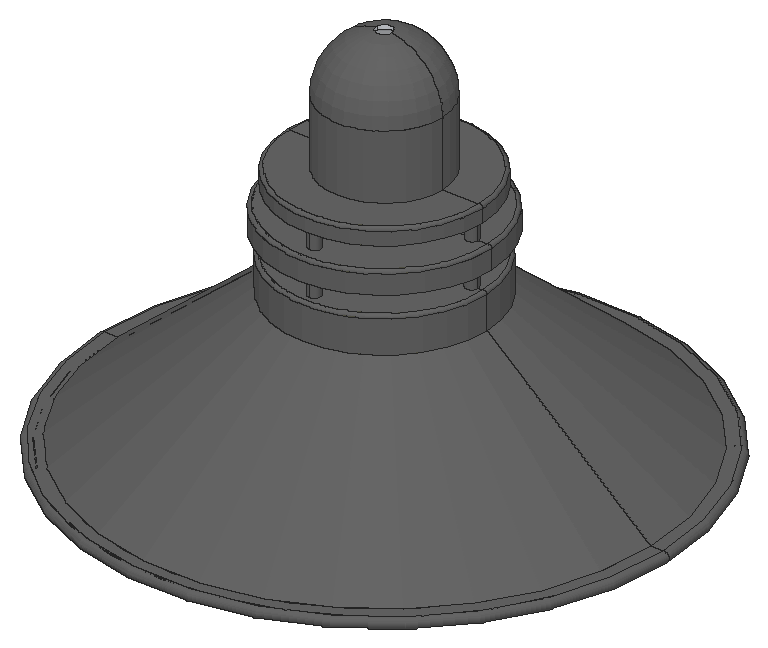
Revit family "L118 SHADE", category Lighting Fixtures, Revit 2024
Family settings
  Round Connector Dimension = Use Diameter
  Part Type = Normal
  OmniClass Number = 23.80.70.00
  OmniClass Title = Lighting
  Work Plane-Based = No
  Always vertical = Yes
  Cut with Voids When Loaded = No
  Light Source = Yes
  Maintain Annotation Orientation = No
  Shared = No
  Room Calculation Point = No
Parameters
  Wattage = 12.1178 W
  built-in parameter 1150110 = 1 (stored number, unit not read)
  built-in parameter 1114217 = 1 (stored number, unit not read)
  built-in parameter 1150109 = 1 (stored number, unit not read)
  built-in parameter 1150134 = (empty or 0)
  built-in parameter 1150113 = 1 (stored number, unit not read)
  Lumens = 1800 lm
  built-in parameter 1150115 = 1 (stored number, unit not read)
  built-in parameter 1150105 = 572.96 (stored number, unit not read)
  Light Source Symbol Size = 2' - 0"
  built-in parameter 1150137 = (empty or 0)
  built-in parameter 1150139 = (empty or 0)
  built-in parameter 1150112 = 1 (stored number, unit not read)
  built-in parameter 1150114 = 1 (stored number, unit not read)
  built-in parameter 1150132 = 2
  built-in parameter 1150102 = (empty or 0)
  built-in parameter 1150138 = (empty or 0)
  built-in parameter 1150107 = 3000 (stored number, unit not read)
  built-in parameter 1150106 = 5.7296 (stored number, unit not read)
  built-in parameter 1150104 = 13.8 (stored number, unit not read)
  Dimming Lamp Color Temperature Shift = (empty or 0)
  Default Elevation = 0' - 0"
  Color Filter = 16777215
  built-in parameter 1114218 = 1 (stored number, unit not read)
  built-in parameter 1150133 = 10 (stored number, unit not read)
Reference planes (in)
  plane 1 "Light Source Axis (F/B)": y = 0
  plane 2: z = 0
  plane 3 "Light Source Axis (L/R)": x = 0
  plane 4 "Light Source Elevation": z = 54
Forms (in)
  Revolve 1, solid
    sketch origin (0, 0, 2.45653) x (1, 0, 0) y (0, 0, 1)
      loop
        line (-3.22625, 56.12573) -> (-8.44458, 51.86547) -> (-8.839, 51.86547)
        arc (-8.839, 51.86547) -> (-8.92587, 51.56892) -> (-8.69271, 51.77172) r 0.161
        line (-8.69271, 51.77172) -> (-8.41117, 51.77172) -> (-3.1325, 56.08124) -> (-3.1325, 57.15674) -> (-2.14731, 57.15674) -> (-2.14731, 57.25049) -> (-3.12625, 57.25049)
        arc (-3.12625, 57.25049) -> (-3.19696, 57.2212) -> (-3.22625, 57.15049) r 0.1
        line (-3.22625, 57.15049) -> (-3.22625, 56.12573)
      loop
        line (-3.38733, 57.91135) -> (-3.29358, 57.91135) -> (-3.29358, 58.5176) -> (-2.14731, 58.5176) -> (-2.14731, 58.61135) -> (-3.28733, 58.61135)
        arc (-3.28733, 58.61135) -> (-3.35804, 58.58206) -> (-3.38733, 58.51135) r 0.1
        line (-3.38733, 58.51135) -> (-3.38733, 57.91135)
      loop
        line (-3.1, 59.15423) -> (-3.00625, 59.15423) -> (-3.00625, 59.56048) -> (-1.75625, 59.56048) -> (-1.75625, 61.69347)
        arc (-1.75625, 61.69347) -> (-1.3273, 62.84354) -> (-0.25, 63.43183) r 1.75625
        line (-0.25, 63.43183) -> (-0.25, 63.5265)
        arc (-0.25, 63.5265) -> (-1.39374, 62.91002) -> (-1.85, 61.69347) r 1.85
        line (-1.85, 61.69347) -> (-1.85, 59.65423) -> (-3, 59.65423)
        arc (-3, 59.65423) -> (-3.07071, 59.62494) -> (-3.1, 59.55423) r 0.1
        line (-3.1, 59.55423) -> (-3.1, 59.15423)
      loop
        line (0, 53.24878) -> (0, 53.34253)
        arc (0, 53.34253) -> (-1.06508, 53.7837) -> (-1.50625, 54.84878) r 1.50625
        line (-1.50625, 54.84878) -> (-1.50625, 59.34878) -> (-1.6, 59.34878) -> (-1.6, 54.84878)
        arc (-1.6, 54.84878) -> (-1.13137, 53.71741) -> (0, 53.24878) r 1.6
      axis (0, 63.5265) -> (0, 51.77172)
    angle from 0 to 360
  Sweep 2, solid
    path origin (0, 0, 2.45653) x (1, 0, 0) y (0, 0, 1)
      loop
        line (-2.76936, 57.25049) -> (-2.76936, 59.56048)
    profile origin (-2.76936, 0, 60.86202) x (-1, 0, 0) y (0, -1, 0)
      loop
        circle (0, 0) r 0.1875
  Sweep 3, solid
    path origin (0, 0, 2.45653) x (0, -1, 0) y (0, 0, 1)
      loop
        line (-2.76936, 57.25049) -> (-2.76936, 59.56048)
    profile origin (0, 2.76936, 60.86202) x (0, 1, 0) y (-1, 0, 0)
      loop
        circle (0, 0) r 0.1875
  Sweep 4, solid
    path origin (0, 0, 2.45653) x (0, 1, 0) y (0, 0, 1)
      loop
        line (-2.76936, 57.25049) -> (-2.76936, 59.56048)
    profile origin (0, -2.76936, 60.86202) x (0, -1, 0) y (1, 0, 0)
      loop
        circle (0, 0) r 0.1875
  Sweep 5, solid
    path origin (0, 0, 2.45653) x (-1, 0, 0) y (0, 0, 1)
      loop
        line (-2.76936, 57.25049) -> (-2.76936, 59.56048)
    profile origin (2.76936, 0, 60.86202) x (1, 0, 0) y (0, 1, 0)
      loop
        circle (0, 0) r 0.1875
Dimensions and locks (in)
  aligned and locked: plane 3 "Light Source Axis (L/R)" to imposter light
  aligned and locked: plane 1 "Light Source Axis (F/B)" to imposter light
  aligned and locked: plane 4 "Light Source Elevation" to imposter light
  aligned and locked: level to plane 2
